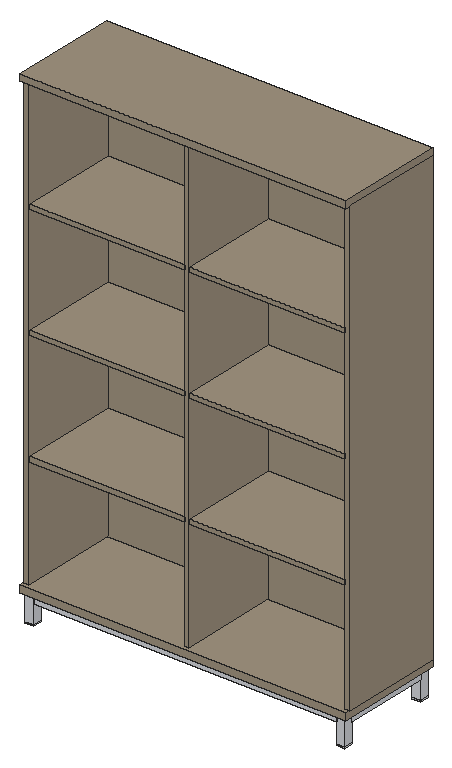
Revit family "Open Fronted Modular Storage With Wooden Door Options", category Furniture, Revit 2020 (continued)
Definition of nested family "Hinged Locking Wooden Doors - HD4 - Level 1"
  Dimensions and locks
    aligned and locked: nested 6 to Extrusion 4 sketch curve
    aligned and locked: Extrusion 1 to Extrusion 3
    aligned and locked: Extrusion 3 to Extrusion 1
  Automatic sketch dimensions
    plane 5 to Extrusion 1 sketch curve = 0 mm
    plane 3 "Center (Left/Right)" to Extrusion 1 sketch curve = 1 mm
    Extrusion 1 sketch curve to plane 16 = 412 mm
    plane 3 "Center (Left/Right)" to Extrusion 2 sketch curve = 43 mm
    Extrusion 2 sketch curve to plane 14 = 59.5 mm
    Extrusion 4 sketch curve to plane 3 "Center (Left/Right)" = 43 mm
    Extrusion 3 sketch curve to plane 4 = 0 mm
    Extrusion 3 sketch curve to plane 3 "Center (Left/Right)" = 1 mm
    Extrusion 3 sketch curve to plane 15 = 830 mm
    radius of Extrusion 2 sketch curve = 10 mm
    radius of Extrusion 4 sketch curve = 10 mm
  Nested families
    nested 1: "Handle Type C-1" at (175, -200, 62.362) x (-1, 0, 0) z (0, 0, 1), visible <- "Handle Type C", type "Handle Type C-1"
    nested 2: "Handle Type B-1" at (175, -200, 48.922) x (-1, 0, 0) z (0, 0, 1), visible <- "Handle Type B", type "Handle Type B-1"
    nested 3: "Handle Type D-1" at (175, -200, 48.922) x (-1, 0, 0) z (0, 0, 1), visible <- "Handle Type D", type "Handle Type D-1"
    nested 4: "Handle Type C-1" at (-175, -200, 62.362), visible <- "Handle Type C", type "Handle Type C-1"
    nested 5: "Handle Type B-1" at (-175, -200, 48.922), visible <- "Handle Type B", type "Handle Type B-1"
    nested 6: "Handle Type D-1" at (-175, -200, 48.922), visible <- "Handle Type D", type "Handle Type D-1"
  Definition of nested family "Handle Type C-1"
    Parameters (values of type "Handle Type C-1")
      URL = "www.gof.co.uk"
      Type Comments = ""
      Range = "STORAGE"
      Handle Type C = none
      Product Code = "Handle Type C"
      Model = ""
      Manufacturer = "Gresham Office Furniture"  # constant formula
      Default Elevation = 0 mm
      Assembly Code = "E2020200"
    Reference planes
      plane 1 "Center (Front/Back)": y = 0
      plane 2: z = 0
      plane 3 "Center (Left/Right)": x = 0
      plane 4: x = -475
      plane 5: x = 475
      plane 6 "Storage Top": z = 2007
      plane 7: y = 260
      plane 8: y = -260
    Forms (mm)
      Extrusion 1, void
        sketch origin (981.138, 0, 981.138) x (0, 1, 0) y (-1, 0, 0)
          loop
            line (0, 1072) -> (0, 884.5) -> (27.401, 884.5) -> (27.401, 1072) -> (0, 1072)
        from -12.204 to 11.22
      Sweep 2, solid, material <- "Handle Type C"
        path in 3D
          loop
            arc (-78.75, 3.75, 981.138) -> (0, -30, 981.138) -> (78.75, 3.75, 981.138) r 108.75
        profile origin (0, -30, 981.138) x (0, 1, 0) y (0, 0, 1)
          loop
            circle (0, 0) r 5
    Cuts and joins
      Extrusion 1 cuts Sweep 2
    Lines and regions (mm)
      model lines, detail levels coarse+medium
        curve 1: line (68, 0, 981.138) -> (-68, 0, 981.138)
      model lines, not visible, detail levels coarse+medium
        curve 2: line (0, 0, 986.138) -> (0, 0, 976.138)
      model lines, not visible
        curve 3: line (0, 0, 981.138) -> (0, -30, 981.138)
        curve 5: line (-75, 0, 976.138) -> (-75, 0, 986.138)
        curve 6: line (75, 0, 986.138) -> (75, 0, 976.138)
      sketch lines
        curve 4: arc (-78.75, 3.75, 981.138) -> (0, -30, 981.138) -> (78.75, 3.75, 981.138) r 108.75
    Dimensions and locks
      equal spacing: plane 4, plane 3 "Center (Left/Right)", plane 5
      locked: plane 4 to plane 5 at 950
      equal spacing: plane 7, plane 1 "Center (Front/Back)", plane 8
      locked: plane 7 to plane 8 at 520
      aligned and locked: level to plane 2
    Automatic sketch dimensions
      curve 3 to plane 1 "Center (Front/Back)" = 0 mm
      plane 1 "Center (Front/Back)" to curve 3 = 30 mm
      curve 2 to plane 3 "Center (Left/Right)" = 0 mm
      level to curve 2 = 976.138 mm
      curve 1 to plane 3 "Center (Left/Right)" = 68 mm
      curve 5 to curve 1 = 7 mm
      plane 3 "Center (Left/Right)" to curve 1 = 68 mm
      curve 1 to curve 6 = 7 mm
      curve 6 to curve 2 = 0 mm
      curve 5 to curve 2 = 0 mm
      curve 5 to curve 1 = 5 mm
      curve 1 to curve 6 = 5 mm
      curve 1 to curve 5 = 5 mm
      curve 2 to curve 2 = 10 mm
      plane 1 "Center (Front/Back)" to Extrusion 1 sketch curve = 0 mm
      Extrusion 1 sketch curve to plane 1 "Center (Front/Back)" = 27.401 mm
      plane 3 "Center (Left/Right)" to Extrusion 1 sketch curve = 96.638 mm
      Extrusion 1 sketch curve to plane 3 "Center (Left/Right)" = 90.862 mm
      Sweep 2 sketch curve to profile plane = 0 mm  (x2)
      level to curve 3 = 981.138 mm
      radius of Sweep 2 sketch curve = 5 mm
  Definition of nested family "Handle Type B-1"
    Parameters (values of type "Handle Type B-1")
      URL = "www.gof.co.uk"
      Type Comments = ""
      Range = "STORAGE"
      Handle Type B = none
      Product Code = "Handle Type B"
      Model = ""
      Manufacturer = "Gresham Office Furniture"  # constant formula
      Default Elevation = 0 mm
      Assembly Code = "E2020200"
    Reference planes
      plane 1 "Center (Front/Back)": y = 0
      plane 2: z = 0
      plane 3 "Center (Left/Right)": x = 0
      plane 4: x = -475
      plane 5: x = 475
      plane 6: y = 260
      plane 7: y = -260
    Forms (mm)
      Extrusion 1, void
        sketch origin (872.923, -128.373, 994.578) x (0, 1, 0) y (-1, 0, 0)
          loop
            line (71.667, 873.923) -> (71.667, 872.291) -> (97.075, 872.291) -> (97.075, 873.923) -> (71.667, 873.923)
        from -6 to 6
      Extrusion 2, solid
        sketch origin (988.138, 0, 994.578) x (0, 0, 1) y (-1, 0, 0)
          loop
            circle (0, 1063.138) r 4
          loop
            circle (0, 913.138) r 4
        from 0 to 10.354
      Sweep 3, solid
        path in 3D
          loop
            arc (-85, -5, 994.578) -> (0, -30, 994.578) -> (85, -5, 994.578) r 157
        profile origin (0, -30, 994.578) x (0, 1, 0) y (0, 0, 1)
          loop
            spline (0, 7.5) -> (-0.776, 7.244) -> (-1.5, 6.495) -> (-2.121, 5.303) -> (-2.598, 3.75) -> (-2.898, 1.941) -> (-3, 0) -> (-2.898, -1.941) -> (-2.598, -3.75) -> (-2.121, -5.303) -> (-1.5, -6.495) -> (-0.776, -7.244) -> (0, -7.5)
            spline (0, -7.5) -> (0.776, -7.244) -> (1.5, -6.495) -> (2.121, -5.303) -> (2.598, -3.75) -> (2.898, -1.941) -> (3, 0) -> (2.898, 1.941) -> (2.598, 3.75) -> (2.121, 5.303) -> (1.5, 6.495) -> (0.776, 7.244) -> (0, 7.5)
      Extrusion 4, void
        sketch origin (867.923, -128.373, 994.578) x (0, 1, 0) y (-1, 0, 0)
          loop
            line (71.667, 873.923) -> (71.667, 872.291) -> (97.075, 872.291) -> (97.075, 873.923) -> (71.667, 873.923)
        from -6 to 6
      Extrusion 5, void
        sketch origin (862.923, -128.373, 994.578) x (0, 1, 0) y (-1, 0, 0)
          loop
            line (71.667, 873.923) -> (71.667, 872.291) -> (98.373, 872.291) -> (98.373, 873.923) -> (71.667, 873.923)
        from -6 to 6
      Extrusion 6, void
        sketch origin (857.923, -128.373, 994.578) x (0, 1, 0) y (-1, 0, 0)
          loop
            line (71.667, 873.923) -> (71.667, 872.291) -> (98.373, 872.291) -> (98.373, 873.923) -> (71.667, 873.923)
        from -6 to 6
      Extrusion 7, void
        sketch origin (852.923, -128.373, 994.578) x (0, 1, 0) y (-1, 0, 0)
          loop
            line (71.667, 873.923) -> (71.667, 872.291) -> (98.842, 872.291) -> (98.842, 873.923) -> (71.667, 873.923)
        from -6 to 6
      Extrusion 8, void
        sketch origin (847.923, -128.373, 994.578) x (0, 1, 0) y (-1, 0, 0)
          loop
            line (71.667, 873.923) -> (71.667, 872.291) -> (99.385, 872.291) -> (99.385, 873.923) -> (71.667, 873.923)
        from -6 to 6
      Extrusion 9, void
        sketch origin (842.923, -128.373, 994.578) x (0, 1, 0) y (-1, 0, 0)
          loop
            line (71.667, 873.923) -> (71.667, 872.291) -> (100.2, 872.291) -> (100.2, 873.923) -> (71.667, 873.923)
        from -6 to 6
      Extrusion 10, void
        sketch origin (837.923, -128.373, 994.578) x (0, 1, 0) y (-1, 0, 0)
          loop
            line (71.667, 873.923) -> (71.667, 872.291) -> (100.984, 872.291) -> (100.984, 873.923) -> (71.667, 873.923)
        from -6 to 6
      Extrusion 11, void
        sketch origin (832.923, -128.373, 994.578) x (0, 1, 0) y (-1, 0, 0)
          loop
            line (71.667, 873.923) -> (71.667, 872.291) -> (102.35, 872.291) -> (102.35, 873.923) -> (71.667, 873.923)
        from -6 to 6
      Extrusion 12, void
        sketch origin (-867.923, -128.373, 994.578) x (0, 1, 0) y (-1, 0, 0)
          loop
            line (71.667, -873.923) -> (97.075, -873.923) -> (97.075, -872.291) -> (71.667, -872.291) -> (71.667, -873.923)
        from -6 to 6
      Extrusion 13, void
        sketch origin (-862.923, -128.373, 994.578) x (0, 1, 0) y (-1, 0, 0)
          loop
            line (71.667, -873.923) -> (98.373, -873.923) -> (98.373, -872.291) -> (71.667, -872.291) -> (71.667, -873.923)
        from -6 to 6
      Extrusion 14, void
        sketch origin (-857.923, -128.373, 994.578) x (0, 1, 0) y (-1, 0, 0)
          loop
            line (71.667, -873.923) -> (98.373, -873.923) -> (98.373, -872.291) -> (71.667, -872.291) -> (71.667, -873.923)
        from -6 to 6
      Extrusion 15, void
        sketch origin (-852.923, -128.373, 994.578) x (0, 1, 0) y (-1, 0, 0)
          loop
            line (71.667, -873.923) -> (98.842, -873.923) -> (98.842, -872.291) -> (71.667, -872.291) -> (71.667, -873.923)
        from -6 to 6
      Extrusion 16, void
        sketch origin (-847.923, -128.373, 994.578) x (0, 1, 0) y (-1, 0, 0)
          loop
            line (71.667, -873.923) -> (99.385, -873.923) -> (99.385, -872.291) -> (71.667, -872.291) -> (71.667, -873.923)
        from -6 to 6
      Extrusion 17, void
        sketch origin (-842.923, -128.373, 994.578) x (0, 1, 0) y (-1, 0, 0)
          loop
            line (71.667, -873.923) -> (100.2, -873.923) -> (100.2, -872.291) -> (71.667, -872.291) -> (71.667, -873.923)
        from -6 to 6
      Extrusion 18, void
        sketch origin (-837.923, -128.373, 994.578) x (0, 1, 0) y (-1, 0, 0)
          loop
            line (71.667, -873.923) -> (100.984, -873.923) -> (100.984, -872.291) -> (71.667, -872.291) -> (71.667, -873.923)
        from -6 to 6
      Extrusion 19, void
        sketch origin (-832.923, -128.373, 994.578) x (0, 1, 0) y (-1, 0, 0)
          loop
            line (71.667, -873.923) -> (102.35, -873.923) -> (102.35, -872.291) -> (71.667, -872.291) -> (71.667, -873.923)
        from -6 to 6
    Cuts and joins
      Extrusion 1, Extrusion 4, Extrusion 5, Extrusion 6, Extrusion 7, Extrusion 8, Extrusion 9, Extrusion 10, Extrusion 11, Extrusion 12, Extrusion 13, Extrusion 14, Extrusion 15, Extrusion 16, Extrusion 17, Extrusion 18, Extrusion 19 cuts Sweep 3
    Lines and regions (mm)
      model lines, not visible, detail levels coarse+medium
        curve 1: line (75, 0, 999.578) -> (75, 0, 989.578)
      model lines, not visible
        curve 2: line (-75, 0, 999.578) -> (-75, 0, 989.578)
        curve 4: line (0, 0, 994.578) -> (0, -30, 994.578)
        curve 6: line (0, 0, 999.578) -> (0, 0, 989.578)
      model lines
        curve 3: line (-75, 0, 994.578) -> (75, 0, 994.578)
      sketch lines
        curve 5: arc (-85, -5, 994.578) -> (0, -30, 994.578) -> (85, -5, 994.578) r 157
    Dimensions and locks
      equal spacing: plane 4, plane 3 "Center (Left/Right)", plane 5
      locked: plane 4 to plane 5 at 950
      equal spacing: plane 6, plane 1 "Center (Front/Back)", plane 7
      locked: plane 6 to plane 7 at 520
      aligned and locked: level to plane 2
    Automatic sketch dimensions
      curve 4 to curve 4 = 30 mm
      curve 6 to plane 3 "Center (Left/Right)" = 0 mm
      plane 3 "Center (Left/Right)" to curve 1 = 75 mm
      level to curve 1 = 989.578 mm
      curve 3 to plane 3 "Center (Left/Right)" = 75 mm
      curve 2 to curve 1 = 0 mm
      curve 6 to curve 1 = 0 mm
      curve 2 to curve 3 = 5 mm
      curve 6 to curve 6 = 10 mm
      curve 3 to curve 2 = 5 mm
      curve 3 to curve 1 = 5 mm
      plane 3 "Center (Left/Right)" to Extrusion 1 sketch curve = 0.632 mm
      plane 1 "Center (Front/Back)" to Extrusion 1 sketch curve = 56.707 mm
      Extrusion 1 sketch curve to Extrusion 1 sketch curve = 25.409 mm
      Extrusion 1 sketch curve to plane 3 "Center (Left/Right)" = 1 mm
      plane 3 "Center (Left/Right)" to Extrusion 2 sketch curve = 75 mm
      level to Extrusion 2 sketch curve = 994.578 mm
      Extrusion 2 sketch curve to plane 3 "Center (Left/Right)" = 75 mm
      Extrusion 2 sketch curve to Extrusion 2 sketch curve = 0 mm
      Sweep 3 sketch curve to profile plane = 0 mm  (x2)
      Sweep 3 sketch curve to Sweep 3 sketch curve = 7.5 mm
      Extrusion 4 sketch curve to plane 3 "Center (Left/Right)" = 4.368 mm
      plane 1 "Center (Front/Back)" to Extrusion 4 sketch curve = 56.707 mm
      Extrusion 4 sketch curve to Extrusion 4 sketch curve = 25.409 mm
      Extrusion 4 sketch curve to Extrusion 4 sketch curve = 1.632 mm
      Extrusion 5 sketch curve to plane 3 "Center (Left/Right)" = 9.368 mm
      plane 1 "Center (Front/Back)" to Extrusion 5 sketch curve = 56.707 mm
      Extrusion 5 sketch curve to Extrusion 5 sketch curve = 26.707 mm
      Extrusion 5 sketch curve to Extrusion 5 sketch curve = 1.632 mm
      Extrusion 6 sketch curve to plane 3 "Center (Left/Right)" = 14.368 mm
      plane 1 "Center (Front/Back)" to Extrusion 6 sketch curve = 56.707 mm
      Extrusion 6 sketch curve to Extrusion 6 sketch curve = 26.707 mm
      Extrusion 6 sketch curve to Extrusion 6 sketch curve = 1.632 mm
      Extrusion 7 sketch curve to plane 3 "Center (Left/Right)" = 19.368 mm
      plane 1 "Center (Front/Back)" to Extrusion 7 sketch curve = 56.707 mm
      Extrusion 7 sketch curve to Extrusion 7 sketch curve = 27.176 mm
      Extrusion 7 sketch curve to Extrusion 7 sketch curve = 1.632 mm
      Extrusion 8 sketch curve to plane 3 "Center (Left/Right)" = 24.368 mm
      plane 1 "Center (Front/Back)" to Extrusion 8 sketch curve = 56.707 mm
      Extrusion 8 sketch curve to Extrusion 8 sketch curve = 27.719 mm
      Extrusion 8 sketch curve to Extrusion 8 sketch curve = 1.632 mm
      plane 1 "Center (Front/Back)" to Extrusion 9 sketch curve = 56.707 mm
      plane 1 "Center (Front/Back)" to Extrusion 9 sketch curve = 28.173 mm
      Extrusion 9 sketch curve to plane 3 "Center (Left/Right)" = 29.368 mm
      Extrusion 9 sketch curve to Extrusion 9 sketch curve = 1.632 mm
      plane 1 "Center (Front/Back)" to Extrusion 10 sketch curve = 56.707 mm
      plane 1 "Center (Front/Back)" to Extrusion 10 sketch curve = 27.389 mm
      Extrusion 10 sketch curve to plane 3 "Center (Left/Right)" = 34.368 mm
      Extrusion 10 sketch curve to Extrusion 10 sketch curve = 1.632 mm
      plane 1 "Center (Front/Back)" to Extrusion 11 sketch curve = 56.707 mm
      plane 1 "Center (Front/Back)" to Extrusion 11 sketch curve = 26.024 mm
      Extrusion 11 sketch curve to plane 3 "Center (Left/Right)" = 39.368 mm
      Extrusion 11 sketch curve to Extrusion 11 sketch curve = 1.632 mm
      plane 3 "Center (Left/Right)" to Extrusion 12 sketch curve = 4.368 mm
      plane 1 "Center (Front/Back)" to Extrusion 12 sketch curve = 56.707 mm
      Extrusion 12 sketch curve to Extrusion 12 sketch curve = 25.409 mm
      Extrusion 12 sketch curve to Extrusion 12 sketch curve = 1.632 mm
      plane 3 "Center (Left/Right)" to Extrusion 13 sketch curve = 9.368 mm
      plane 1 "Center (Front/Back)" to Extrusion 13 sketch curve = 56.707 mm
      Extrusion 13 sketch curve to Extrusion 13 sketch curve = 26.707 mm
      Extrusion 13 sketch curve to Extrusion 13 sketch curve = 1.632 mm
      plane 3 "Center (Left/Right)" to Extrusion 14 sketch curve = 14.368 mm
      plane 1 "Center (Front/Back)" to Extrusion 14 sketch curve = 56.707 mm
      Extrusion 14 sketch curve to Extrusion 14 sketch curve = 26.707 mm
      Extrusion 14 sketch curve to Extrusion 14 sketch curve = 1.632 mm
      plane 3 "Center (Left/Right)" to Extrusion 15 sketch curve = 19.368 mm
      plane 1 "Center (Front/Back)" to Extrusion 15 sketch curve = 56.707 mm
      Extrusion 15 sketch curve to Extrusion 15 sketch curve = 27.176 mm
      Extrusion 15 sketch curve to Extrusion 15 sketch curve = 1.632 mm
      plane 3 "Center (Left/Right)" to Extrusion 16 sketch curve = 24.368 mm
      plane 1 "Center (Front/Back)" to Extrusion 16 sketch curve = 56.707 mm
      Extrusion 16 sketch curve to Extrusion 16 sketch curve = 27.719 mm
      Extrusion 16 sketch curve to Extrusion 16 sketch curve = 1.632 mm
      plane 1 "Center (Front/Back)" to Extrusion 17 sketch curve = 56.707 mm
      plane 1 "Center (Front/Back)" to Extrusion 17 sketch curve = 28.173 mm
      plane 3 "Center (Left/Right)" to Extrusion 17 sketch curve = 31 mm
      Extrusion 17 sketch curve to Extrusion 17 sketch curve = 1.632 mm
      plane 1 "Center (Front/Back)" to Extrusion 18 sketch curve = 56.707 mm
      plane 1 "Center (Front/Back)" to Extrusion 18 sketch curve = 27.389 mm
      plane 3 "Center (Left/Right)" to Extrusion 18 sketch curve = 36 mm
      Extrusion 18 sketch curve to Extrusion 18 sketch curve = 1.632 mm
      plane 1 "Center (Front/Back)" to Extrusion 19 sketch curve = 56.707 mm
      plane 1 "Center (Front/Back)" to Extrusion 19 sketch curve = 26.024 mm
      plane 3 "Center (Left/Right)" to Extrusion 19 sketch curve = 41 mm
      Extrusion 19 sketch curve to Extrusion 19 sketch curve = 1.632 mm
      curve 4 to plane 1 "Center (Front/Back)" = 0 mm
      level to curve 4 = 994.578 mm
      radius of Extrusion 2 sketch curve = 4 mm  (x2)
  Definition of nested family "Handle Type D-1"
    Parameters (values of type "Handle Type D-1")
      URL = "www.gof.co.uk"
      Type Comments = ""
      Range = "STORAGE"
      Handle Type D = none
      Product Code = "Handle Type D"
      Model = ""
      Manufacturer = "Gresham Office Furniture"  # constant formula
      Default Elevation = 0 mm
      Assembly Code = "E2020200"
    Reference planes
      plane 1 "Center (Front/Back)": y = 0
      plane 2: z = 0
      plane 3 "Center (Left/Right)": x = 0
      plane 4: x = -475
      plane 5: x = 475
      plane 6: y = 260
      plane 7: y = -260
    Forms (mm)
      Extrusion 1, solid
        sketch origin (994.578, 0, 994.578) x (0, 0, 1) y (0, 1, 0)
          loop
            line (5, 0) -> (-5, 0) -> (-5, -6.91)
            arc (-5, -6.91) -> (-7.006, -15.176) -> (0, -20) r 7.5
            arc (0, -20) -> (7.006, -15.176) -> (5, -6.91) r 7.5
            line (5, -6.91) -> (5, 0)
        from 919.578 to 1069.578
    Lines and regions (mm)
      model lines, not visible, detail levels coarse+medium
        curve 1: line (75, 0, 999.578) -> (75, 0, 989.578)
        curve 2: line (-75, 0, 999.578) -> (-75, 0, 989.578)
      model lines, detail levels coarse+medium
        curve 3: line (-75, 0, 994.578) -> (75, 0, 994.578)
      model lines, not visible
        curve 4: line (0, 0, 999.578) -> (0, 0, 989.578)
    Dimensions and locks
      aligned and locked: level to plane 2
